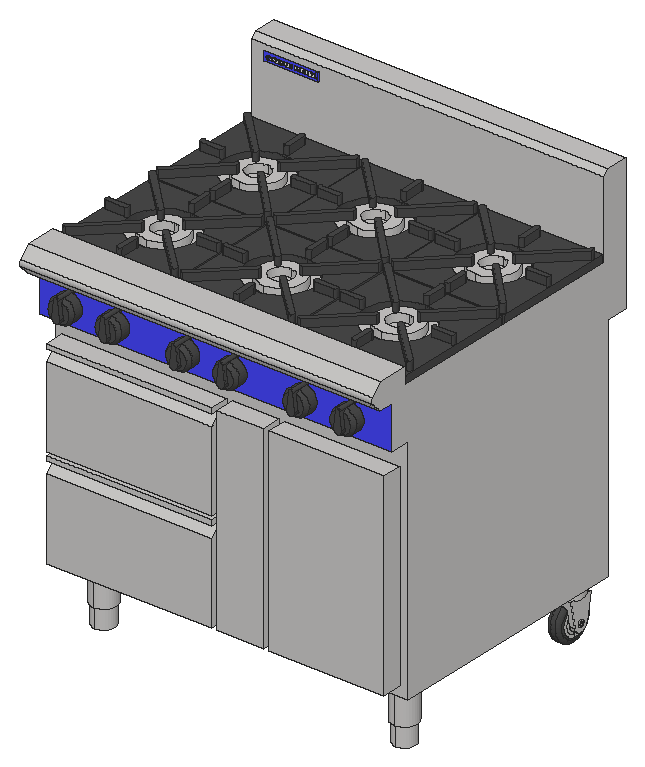
Revit family "QF_MOFFAT_BLUESEAL_CE_G516D-RB", category Specialty Equipment, Revit 2012
Parameters
  Weight in Pounds = 396  # constant formula
  Width [instance] = 900.00 mm  # constant formula
  Watts = 250 W
  Volts = 230 V
  URL Cutsheet = "www.moffat.com"
  URL = "www.moffat.com"
  Type Mark [instance] = ""
  Status [instance] = ""
  Specification by User [instance] = ""
  Specification by Manufacturer = ""
  Show Logo [instance] = yes
  Show Door [instance] = no
  Show Clearance [instance] = yes
  Show Casters [instance] = yes
  Serial Number = ""
  Seismic Rating = ""
  SMACNA No = ""
  Revision Code [instance] = ""
  Refrigerant Type = "R134a"
  Phase = 1
  Omniclass Number and Title = ""
  Number of Poles = 1
  NAFEM Spec ID Number = ""
  Model = "G516D-RB"
  Min Ckt Ampacity = 0 A
  Mechanical Remarks = ""
  Mechanical Connection Type = ""
  Max Overcurrent Protection = 0 A
  Masterspec = ""
  Manufacturer = "MOFFAT BLUESEAL"
  Legs [instance] = not(Show Casters)  # no
  Item Number [instance] = ""
  Installed By [instance] = ""
  Identify Quantity as Lot [instance] = yes
  HP = ""
  Gas Size = 3/4"
  Gas RI Height = 0.00 mm
  Gas KW = 46.6
  Gas Input = 159233.0 Btu/h
  Gas Connection Height = 0.00 mm
  Furnished By [instance] = ""
  Foodservice Equipment Identifier [instance] = yes
  FL Amps = 1.8 A
  Elec Conn RI Height = 0.00 mm
  Elec Conn Connection Height = 0.00 mm
  Drawer Clearance [instance] = and(Show Clearance, and(Drawer))  # yes
  Drawer [instance] = not(Show Door)  # yes
  Door Clearance [instance] = and(Show Clearance, and(Show Door))  # no
  Description = "900MM GAS COOK TOP ON REFRIGERATED BASE"
  Depth [instance] = 812.00 mm  # constant formula
  Cycle = 50 Hz
  Conn Plug = ""
  Conn Conduit = yes
  CSI MasterFormat = ""
  CSI Master Format = ""
  Back Splash [instance] = 215.00 mm  # constant formula
  Apparent Power = if(Phase = 3, Volts * FL Amps * 1.73, Volts * FL Amps)  # 414 VA
Reference planes
  plane 1 "BACK": y = 0
  plane 2: z = 0
  plane 3 "LEFT": x = 0
  plane 4 "RIGHT": x = 900
  plane 5 "FRONT": y = -812
  plane 6 "TOP": z = 970
  plane 7 "Center Y": x = 450
  plane 8 "Center X": y = -406
  plane 9 "Base Height": z = 150
  plane 10: z = 915
  plane 11: x = 65
  plane 12: x = 834
  plane 13: y = -625
  plane 14: x = 770
  plane 15: z = 655
  plane 16: y = -32
  plane 17: x = 617
  plane 18: z = 402
  plane 19: z = 1085
  plane 20: y = -100
Forms (mm)
  Extrusion 1, solid, material "QF_Finishes_Stainless Steel"
    sketch origin (0, 0, 0) x (0, 1, 0) y (0, 0, 1)
      loop
        line (-697, 150) -> (-57, 150) -> (-57, 740) -> (0, 740) -> (0, 1085) -> (-57.5, 1085) -> (-70, 1072.5) -> (-70, 875) -> (-705, 875) -> (-705, 915) -> (-783.97, 915) -> (-808.485, 890.485)
        arc (-808.485, 890.485) -> (-811.999, 882) -> (-808.485, 873.515) r 12
        line (-808.485, 873.515) -> (-784.97, 850) -> (-749, 850) -> (-749, 740) -> (-697, 740) -> (-697, 150)
    from 0 to 900
  Revolve 2, solid, material "QF_Finishes_Stainless Steel", visible <- "Legs"
    sketch origin (834, -210, 0) x (0, 1, 0) y (0, 0, -1)
      loop
        line (78.25, -150) -> (110, -150) -> (110, 0) -> (82.5, 0) -> (82.5, -50) -> (78.25, -50) -> (78.25, -150)
      axis (110, -150) -> (110, 0)
    angle from 0 to 360
  Revolve 3, solid, material "QF_Finishes_Stainless Steel"
    sketch origin (834, -735, 0) x (0, 1, 0) y (0, 0, -1)
      loop
        line (78.25, -150) -> (110, -150) -> (110, 0) -> (82.5, 0) -> (82.5, -50) -> (78.25, -50) -> (78.25, -150)
      axis (110, -150) -> (110, 0)
    angle from 0 to 360
  Revolve 4, solid, material "QF_Finishes_Stainless Steel", visible <- "Legs"
    sketch origin (65, -210, 0) x (0, 1, 0) y (0, 0, -1)
      loop
        line (78.25, -150) -> (110, -150) -> (110, 0) -> (82.5, 0) -> (82.5, -50) -> (78.25, -50) -> (78.25, -150)
      axis (110, -150) -> (110, 0)
    angle from 0 to 360
  Revolve 5, solid, material "QF_Finishes_Stainless Steel"
    sketch origin (65, -735, 0) x (0, 1, 0) y (0, 0, -1)
      loop
        line (78.25, -150) -> (110, -150) -> (110, 0) -> (82.5, 0) -> (82.5, -50) -> (78.25, -50) -> (78.25, -150)
      axis (110, -150) -> (110, 0)
    angle from 0 to 360
  Revolve 6, solid, material "QF_Finishes_Black"
    sketch origin (89.687, 0, 599.987) x (0, 1, 0) y (0, 0, -1)
      loop
        line (-789, -229.5) -> (-766, -229.5) -> (-766, -202) -> (-756, -202) -> (-756, -197) -> (-800, -197) -> (-800, -223.651) -> (-789, -229.5)
      axis (-800, -197) -> (-756, -197)
    angle from 0 to 360
  Extrusion 7, solid, material "QF_Finishes_Black"
    sketch origin (227.957, 0, 600.145) x (-1, 0, 0) y (0, 0, -1)
      loop
        line (127.85, -186.037) -> (133.271, -228.955)
        arc (133.271, -228.955) -> (138.27, -233.842) -> (143.268, -228.955) r 5
        line (143.268, -228.955) -> (148.757, -184.87)
        arc (148.757, -184.87) -> (137.685, -174.371) -> (127.85, -186.037) r 10.487
    from 759 to 808
  Extrusion 8, solid, material "QF_Finishes_Stainless Steel"
    sketch origin (0, -699, 685) x (1, 0, 0) y (0, -1, 0)
      loop
        circle (770, -667) r 13.5
    from -55 to 30
  Extrusion 9, solid, material "QF_Finishes_Stainless Steel"
    sketch origin (0, -57, 685) x (0, 0, 1) y (1, 0, 0)
      loop
        circle (-265, 620) r 13.5
    from 0 to 3.18
  Revolve 10, solid, material "QF_Finishes_Stainless Steel", visible <- "Show Casters"
    sketch origin (485.423, -100.755, -12.798) x (1, 0, 0) y (0, 0, 1)
      loop
        line (314.841, 63.604) -> (383.584, 63.604) -> (383.584, 67.109) -> (382.314, 68.379) -> (380.79, 68.379) -> (380.79, 71.826) -> (368.644, 71.826) -> (368.644, 81.79) -> (365.088, 83.843) -> (363.738, 92.179) -> (365.881, 92.179) -> (365.881, 98.529) -> (365.088, 98.529) -> (365.088, 104.879)
        arc (365.088, 104.879) -> (362.298, 111.614) -> (355.563, 114.404) r 9.525
        line (355.563, 114.404) -> (342.863, 114.404)
        arc (342.863, 114.404) -> (336.127, 111.614) -> (333.338, 104.879) r 9.525
        line (333.338, 104.879) -> (333.338, 98.529) -> (332.544, 98.529) -> (332.544, 92.179) -> (334.687, 92.179) -> (333.352, 83.932) -> (329.782, 81.871) -> (329.782, 71.826) -> (317.635, 71.826) -> (317.635, 68.379) -> (316.111, 68.379) -> (314.841, 67.109) -> (314.841, 63.604)
      axis (314.841, 63.604) -> (383.584, 63.604)
    angle from 0 to 360
  Extrusion 11, solid, material "QF_Finishes_Stainless Steel", visible <- "Show Casters"
    sketch origin (841.147, 132.353, -9.137) x (0, 1, 0) y (0, 0, 1)
      loop
        line (-200.603, 118.783) -> (-264.103, 118.783) -> (-251.746, 53.895)
        arc (-251.746, 53.895) -> (-232.353, 38.783) -> (-212.959, 53.895) r 20
        line (-212.959, 53.895) -> (-200.603, 118.783)
    from -35.667 to 22.923
  Revolve 12, solid, material "QF_Finishes_Stainless Steel", visible <- "Show Casters"
    sketch origin (834.646, -204, -0.354) x (0, 1, 0) y (0, 0, 1)
      loop
        line (68.25, 150) -> (68.25, 110) -> (104, 110) -> (104, 150) -> (68.25, 150)
      axis (104, 150) -> (104, 110)
    angle from 0 to 360
  Revolve 13, solid, material "QF_Finishes_Stainless Steel", visible <- "Show Casters"
    sketch origin (-283.577, -100.755, -12.798) x (1, 0, 0) y (0, 0, 1)
      loop
        line (314.841, 63.604) -> (383.584, 63.604) -> (383.584, 67.109) -> (382.314, 68.379) -> (380.79, 68.379) -> (380.79, 71.826) -> (368.644, 71.826) -> (368.644, 81.79) -> (365.088, 83.843) -> (363.738, 92.179) -> (365.881, 92.179) -> (365.881, 98.529) -> (365.088, 98.529) -> (365.088, 104.879)
        arc (365.088, 104.879) -> (362.298, 111.614) -> (355.563, 114.404) r 9.525
        line (355.563, 114.404) -> (342.863, 114.404)
        arc (342.863, 114.404) -> (336.127, 111.614) -> (333.338, 104.879) r 9.525
        line (333.338, 104.879) -> (333.338, 98.529) -> (332.544, 98.529) -> (332.544, 92.179) -> (334.687, 92.179) -> (333.352, 83.932) -> (329.782, 81.871) -> (329.782, 71.826) -> (317.635, 71.826) -> (317.635, 68.379) -> (316.111, 68.379) -> (314.841, 67.109) -> (314.841, 63.604)
      axis (314.841, 63.604) -> (383.584, 63.604)
    angle from 0 to 360
  Extrusion 14, solid, material "QF_Finishes_Stainless Steel", visible <- "Show Casters"
    sketch origin (72.147, 132.353, -9.137) x (0, 1, 0) y (0, 0, 1)
      loop
        line (-200.603, 118.783) -> (-264.103, 118.783) -> (-251.746, 53.895)
        arc (-251.746, 53.895) -> (-232.353, 38.783) -> (-212.959, 53.895) r 20
        line (-212.959, 53.895) -> (-200.603, 118.783)
    from -35.667 to 22.923
  Revolve 15, solid, material "QF_Finishes_Stainless Steel", visible <- "Show Casters"
    sketch origin (65.646, -204, -0.354) x (0, 1, 0) y (0, 0, 1)
      loop
        line (68.25, 150) -> (68.25, 110) -> (104, 110) -> (104, 150) -> (68.25, 150)
      axis (104, 150) -> (104, 110)
    angle from 0 to 360
  Revolve 16, solid, material "QF_Finishes_Black"
    sketch origin (210, 0, 600) x (0, 1, 0) y (0, 0, -1)
      loop
        line (-789, -229.5) -> (-766, -229.5) -> (-766, -202) -> (-756, -202) -> (-756, -197) -> (-800, -197) -> (-800, -223.651) -> (-789, -229.5)
      axis (-800, -197) -> (-756, -197)
    angle from 0 to 360
  Extrusion 17, solid, material "QF_Finishes_Black"
    sketch origin (348.27, 0, 600.158) x (-1, 0, 0) y (0, 0, -1)
      loop
        line (127.85, -186.037) -> (133.271, -228.955)
        arc (133.271, -228.955) -> (138.27, -233.842) -> (143.268, -228.955) r 5
        line (143.268, -228.955) -> (148.757, -184.87)
        arc (148.757, -184.87) -> (137.685, -174.371) -> (127.85, -186.037) r 10.487
    from 759 to 808
  Revolve 18, solid, material "QF_Finishes_Black"
    sketch origin (389.769, 0, 600) x (0, 1, 0) y (0, 0, -1)
      loop
        line (-789, -229.5) -> (-766, -229.5) -> (-766, -202) -> (-756, -202) -> (-756, -197) -> (-800, -197) -> (-800, -223.651) -> (-789, -229.5)
      axis (-800, -197) -> (-756, -197)
    angle from 0 to 360
  Extrusion 19, solid, material "QF_Finishes_Black"
    sketch origin (528.038, 0, 600.158) x (-1, 0, 0) y (0, 0, -1)
      loop
        line (127.85, -186.037) -> (133.271, -228.955)
        arc (133.271, -228.955) -> (138.27, -233.842) -> (143.268, -228.955) r 5
        line (143.268, -228.955) -> (148.757, -184.87)
        arc (148.757, -184.87) -> (137.685, -174.371) -> (127.85, -186.037) r 10.487
    from 759 to 808
  Revolve 20, solid, material "QF_Finishes_Black"
    sketch origin (689.769, 0, 600) x (0, 1, 0) y (0, 0, -1)
      loop
        line (-789, -229.5) -> (-766, -229.5) -> (-766, -202) -> (-756, -202) -> (-756, -197) -> (-800, -197) -> (-800, -223.651) -> (-789, -229.5)
      axis (-800, -197) -> (-756, -197)
    angle from 0 to 360
  Extrusion 21, solid, material "QF_Finishes_Black"
    sketch origin (828.038, 0, 600.158) x (-1, 0, 0) y (0, 0, -1)
      loop
        line (127.85, -186.037) -> (133.271, -228.955)
        arc (133.271, -228.955) -> (138.27, -233.842) -> (143.268, -228.955) r 5
        line (143.268, -228.955) -> (148.757, -184.87)
        arc (148.757, -184.87) -> (137.685, -174.371) -> (127.85, -186.037) r 10.487
    from 759 to 808
  Revolve 22, solid, material "QF_Finishes_Black"
    sketch origin (510.081, 0, 600.013) x (0, 1, 0) y (0, 0, -1)
      loop
        line (-789, -229.5) -> (-766, -229.5) -> (-766, -202) -> (-756, -202) -> (-756, -197) -> (-800, -197) -> (-800, -223.651) -> (-789, -229.5)
      axis (-800, -197) -> (-756, -197)
    angle from 0 to 360
  Extrusion 23, solid, material "QF_Finishes_Black"
    sketch origin (648.351, 0, 600.171) x (-1, 0, 0) y (0, 0, -1)
      loop
        line (127.85, -186.037) -> (133.271, -228.955)
        arc (133.271, -228.955) -> (138.27, -233.842) -> (143.268, -228.955) r 5
        line (143.268, -228.955) -> (148.757, -184.87)
        arc (148.757, -184.87) -> (137.685, -174.371) -> (127.85, -186.037) r 10.487
    from 759 to 808
  Revolve 24, solid, material "QF_Finishes_Black"
    sketch origin (810.081, 0, 600.013) x (0, 1, 0) y (0, 0, -1)
      loop
        line (-789, -229.5) -> (-766, -229.5) -> (-766, -202) -> (-756, -202) -> (-756, -197) -> (-800, -197) -> (-800, -223.651) -> (-789, -229.5)
      axis (-800, -197) -> (-756, -197)
    angle from 0 to 360
  Extrusion 25, solid, material "QF_Finishes_Black"
    sketch origin (948.351, 0, 600.171) x (-1, 0, 0) y (0, 0, -1)
      loop
        line (127.85, -186.037) -> (133.271, -228.955)
        arc (133.271, -228.955) -> (138.27, -233.842) -> (143.268, -228.955) r 5
        line (143.268, -228.955) -> (148.757, -184.87)
        arc (148.757, -184.87) -> (137.685, -174.371) -> (127.85, -186.037) r 10.487
    from 759 to 808
  Extrusion 26, solid, material "QF_Finishes_Stainless Steel"
    sketch origin (0, 0, 0) x (0, 1, 0) y (0, 0, 1)
      loop
        line (-699, 678) -> (-747, 678) -> (-747, 665) -> (-715.13, 665) -> (-749, 636.579) -> (-749, 431) -> (-699, 431) -> (-699, 678)
      loop
        line (-749, 175) -> (-699, 175) -> (-699, 421) -> (-747, 421) -> (-747, 408) -> (-715.13, 408) -> (-749, 379.579) -> (-749, 175)
    from 17.986 to 440
  Extrusion 27, solid, material "QF_Finishes_Stainless Steel"
    sketch origin (723.5, 0, 0) x (0, 1, 0) y (0, 0, 1)
      loop
        line (-699, 678) -> (-749, 678) -> (-749, 175) -> (-699, 175) -> (-699, 678)
    from -270.5 to -150.5
  Extrusion 28, solid, material "QF_Door-Drawer Clearances", visible <- "Show Clearance", detail levels coarse
    sketch origin (0, -749, 676) x (0, 0, -1) y (1, 0, 0)
      loop
        line (501, 440) -> (255, 440) -> (255, 17.986) -> (501, 17.986) -> (501, 440)
      loop
        line (245, 440) -> (-2, 440) -> (-2, 17.986) -> (245, 17.986) -> (245, 440)
    from 0 to 304.8
  Extrusion 29, solid, material "QF_Finishes_Stainless Steel"
    sketch origin (1031.5, 0, 0) x (0, 1, 0) y (0, 0, 1)
      loop
        line (-699, 678) -> (-749, 678) -> (-749, 175) -> (-699, 175) -> (-699, 678)
    from -444.5 to -150.5
Lines and regions (mm)
  Split face 1
    outline origin (0, 612.322, 1085) x (0, -1, 0) y (1, 0, 0)
      loop
        arc (657.707, 566) -> (652.707, 574.66) -> (642.707, 574.66) r 10
        line (642.707, 574.66) -> (635.707, 570.619)
        arc (635.707, 570.619) -> (632.047, 566.959) -> (630.707, 561.959) r 10
        line (630.707, 561.959) -> (630.707, 334)
        arc (630.707, 334) -> (635.707, 325.34) -> (645.707, 325.34) r 10
        line (645.707, 325.34) -> (652.707, 329.381)
        arc (652.707, 329.381) -> (656.368, 333.041) -> (657.707, 338.041) r 10
        line (657.707, 338.041) -> (657.707, 566)
  Split face 2
    outline origin (0, 612.322, 1085) x (0, -1, 0) y (1, 0, 0)
      loop
        arc (630.707, 624) -> (635.707, 615.34) -> (645.707, 615.34) r 10
        line (645.707, 615.34) -> (652.707, 619.381)
        arc (652.707, 619.381) -> (656.368, 623.041) -> (657.707, 628.041) r 10
        line (657.707, 628.041) -> (657.707, 856)
        arc (657.707, 856) -> (652.707, 864.66) -> (642.707, 864.66) r 10
        line (642.707, 864.66) -> (635.707, 860.619)
        arc (635.707, 860.619) -> (632.047, 856.959) -> (630.707, 851.959) r 10
        line (630.707, 851.959) -> (630.707, 624)
  Split face 3
    outline origin (0, 612.322, 1085) x (0, -1, 0) y (1, 0, 0)
      loop
        arc (657.707, 276) -> (652.707, 284.66) -> (642.707, 284.66) r 10
        line (642.707, 284.66) -> (635.707, 280.619)
        arc (635.707, 280.619) -> (632.047, 276.959) -> (630.707, 271.959) r 10
        line (630.707, 271.959) -> (630.707, 44)
        arc (630.707, 44) -> (635.707, 35.34) -> (645.707, 35.34) r 10
        line (645.707, 35.34) -> (652.707, 39.381)
        arc (652.707, 39.381) -> (656.368, 43.041) -> (657.707, 48.041) r 10
        line (657.707, 48.041) -> (657.707, 276)
  Split face 4
    outline origin (1031.5, -749, 676) x (0, 0, -1) y (1, 0, 0)
      loop
        line (291.62, -416.534) -> (481.62, -416.534) -> (481.62, -181.534) -> (291.62, -181.534) -> (291.62, -416.534)
  Split face 5
    outline origin (1031.5, -749, 931) x (0, 0, -1) y (1, 0, 0)
      loop
        line (291.62, -416.534) -> (356.62, -416.534) -> (356.62, -181.534) -> (291.62, -181.534) -> (291.62, -416.534)
  Split face 6
    outline origin (1031.5, -749, 807.725) x (0, 0, -1) y (1, 0, 0)
      loop
        line (307.841, -274.649) -> (342.841, -274.649) -> (342.841, -219.649) -> (307.841, -219.649) -> (307.841, -274.649)
  Split face 7
    outline origin (939.097, -749, 808.536) x (0, 0, -1) y (1, 0, 0)
      loop
        line (307.841, -274.649) -> (342.841, -274.649) -> (342.841, -239.649) -> (307.841, -239.649) -> (307.841, -274.649)
  symbolic lines
    curve 1: line (0, 0, 0) -> (0, -812, 0)
    curve 2: line (900, 0, 0) -> (0, 0, 0)
    curve 3: line (900, -812, 0) -> (900, 0, 0)
    curve 4: line (0, -812, 0) -> (900, -812, 0)
    curve 13: line (0, -783.97, 0) -> (900, -783.97, 0)
    curve 14: line (0, -70, 0) -> (900, -70, 0)
    curve 15: line (334, -18.385, 0) -> (561.959, -18.385, 0)
    curve 16: arc (561.959, -18.385, 0) -> (566.959, -19.725, 0) -> (570.619, -23.385, 0) r 10
    curve 17: line (570.619, -23.385, 0) -> (574.66, -30.385, 0)
    curve 18: arc (574.66, -30.385, 0) -> (574.66, -40.385, 0) -> (566, -45.385, 0) r 10
    curve 19: line (566, -45.385, 0) -> (338.041, -45.385, 0)
    curve 20: arc (338.041, -45.385, 0) -> (333.041, -44.045, 0) -> (329.381, -40.385, 0) r 10
    curve 21: line (329.381, -40.385, 0) -> (325.34, -33.385, 0)
    curve 22: arc (325.34, -33.385, 0) -> (325.34, -23.385, 0) -> (334, -18.385, 0) r 10
    curve 23: line (44, -18.385, 0) -> (271.959, -18.385, 0)
    curve 24: arc (271.959, -18.385, 0) -> (276.959, -19.725, 0) -> (280.619, -23.385, 0) r 10
    curve 25: line (280.619, -23.385, 0) -> (284.66, -30.385, 0)
    curve 26: arc (284.66, -30.385, 0) -> (284.66, -40.385, 0) -> (276, -45.385, 0) r 10
    curve 27: line (276, -45.385, 0) -> (48.041, -45.385, 0)
    curve 28: arc (48.041, -45.385, 0) -> (43.041, -44.045, 0) -> (39.381, -40.385, 0) r 10
    curve 29: line (39.381, -40.385, 0) -> (35.34, -33.385, 0)
    curve 30: arc (35.34, -33.385, 0) -> (35.34, -23.385, 0) -> (44, -18.385, 0) r 10
    curve 31: line (624, -18.385, 0) -> (851.959, -18.385, 0)
    curve 32: arc (851.959, -18.385, 0) -> (856.959, -19.725, 0) -> (860.619, -23.385, 0) r 10
    curve 33: line (860.619, -23.385, 0) -> (864.66, -30.385, 0)
    curve 34: arc (864.66, -30.385, 0) -> (864.66, -40.385, 0) -> (856, -45.385, 0) r 10
    curve 35: line (856, -45.385, 0) -> (628.041, -45.385, 0)
    curve 36: arc (628.041, -45.385, 0) -> (623.041, -44.045, 0) -> (619.381, -40.385, 0) r 10
    curve 37: line (619.381, -40.385, 0) -> (615.34, -33.385, 0)
    curve 38: arc (615.34, -33.385, 0) -> (615.34, -23.385, 0) -> (624, -18.385, 0) r 10
    curve 39: line (0, -57.5, 0) -> (900, -57.5, 0)
  symbolic lines, style "SpecialityEquipmentHiddenLines", visible <- "Show Casters"
    curve 5: line (875.952, -62.61, 0) -> (825.152, -150.598, 0)
    curve 6: line (848.456, -46.735, 0) -> (875.952, -62.61, 0)
    curve 7: line (797.656, -134.723, 0) -> (848.456, -46.735, 0)
    curve 8: line (825.152, -150.598, 0) -> (797.656, -134.723, 0)
    curve 9: line (106.952, -62.61, 0) -> (56.152, -150.598, 0)
    curve 10: line (79.456, -46.735, 0) -> (106.952, -62.61, 0)
    curve 11: line (28.656, -134.723, 0) -> (79.456, -46.735, 0)
    curve 12: line (56.152, -150.598, 0) -> (28.656, -134.723, 0)
  symbolic lines, style "QF_Door-Drawer Clearances"
    curve 40: line (17.986, -1053.8, 0) -> (440, -1053.8, 0)
    curve 41: line (440, -1053.8, 0) -> (440, -812, 0)
    curve 42: line (17.986, -1053.8, 0) -> (17.986, -812, 0)
Dimensions and locks
  equal spacing: plane 3 "LEFT", plane 7 "Center Y", plane 4 "RIGHT"
  "Width": plane 3 "LEFT" to plane 4 "RIGHT"
  equal spacing: plane 5 "FRONT", plane 8 "Center X", plane 1 "BACK"
  "Depth": plane 5 "FRONT" to plane 1 "BACK"
  locked: plane 10 to level at 915
  locked: plane 9 "Base Height" to level at 150
  plane 6 "TOP" to plane 10 = 55.00 mm
  plane 12 to plane 11 = 769.00 mm
  plane 6 "TOP" to level = 970.00 mm
  plane 14 to plane 4 "RIGHT" = 130.00 mm
  plane 15 to level = 655.00 mm
  plane 16 to plane 1 "BACK" = 32.00 mm
  plane 17 to plane 4 "RIGHT" = 283.00 mm
  plane 18 to level = 402.00 mm
  plane 19 to plane 2 = 1085.00 mm
  Revolve 10 sketch curve to Revolve 10 sketch curve = 50.80 mm
  Revolve 13 sketch curve to Revolve 13 sketch curve = 50.80 mm
  plane 2 to Extrusion 9 sketch curve = 420.00 mm
  aligned and locked: level to plane 2
Automatic sketch dimensions
  Extrusion 1 sketch curve to plane 10 = 0.00 mm
  Extrusion 1 sketch curve to plane 9 "Base Height" = 0.00 mm
  Extrusion 1 sketch curve to plane 19 = 0.00 mm
  Extrusion 1 sketch curve to plane 1 "BACK" = 0.00 mm
  Extrusion 1 sketch curve to plane 16 = 25.00 mm
  Extrusion 1 sketch curve to plane 16 = 25.50 mm
  Extrusion 1 sketch curve to plane 20 = 30.00 mm
  Extrusion 1 sketch curve to plane 13 = 72.00 mm
  Extrusion 1 sketch curve to plane 13 = 80.00 mm
  Extrusion 1 sketch curve to Extrusion 1 sketch curve = 44.00 mm
  Extrusion 1 sketch curve to plane 5 "FRONT" = 28.03 mm
  Extrusion 1 sketch curve to plane 5 "FRONT" = 27.03 mm
  Extrusion 1 sketch curve to plane 5 "FRONT" = 12.001 mm
  Extrusion 1 sketch curve to plane 5 "FRONT" = 3.515 mm  (x2)
  plane 15 to Extrusion 1 sketch curve = 85.00 mm  (x2)
  Extrusion 1 sketch curve to plane 10 = 65.00 mm
  Extrusion 1 sketch curve to Extrusion 1 sketch curve = 23.515 mm
  Extrusion 1 sketch curve to Extrusion 1 sketch curve = 40.00 mm
  Extrusion 1 sketch curve to Extrusion 1 sketch curve = 8.485 mm
  Extrusion 1 sketch curve to plane 19 = 12.50 mm
  Revolve 2 sketch curve to plane 9 "Base Height" = 0.00 mm
  Revolve 2 sketch curve to level = 0.00 mm
  Revolve 2 sketch curve to plane 20 = 0.00 mm  (x2)
  plane 20 to Revolve 2 sketch curve = 27.50 mm
  plane 20 to Revolve 2 sketch curve = 31.75 mm
  level to Revolve 2 sketch curve = 50.00 mm
  Revolve 2 sketch curve to Revolve 2 sketch curve = 0.00 mm
  Revolve 2 sketch curve to Revolve 2 sketch curve = 55.00 mm
  Revolve 3 sketch curve to plane 9 "Base Height" = 0.00 mm
  Revolve 3 sketch curve to level = 0.00 mm
  Revolve 3 sketch curve to plane 13 = 0.00 mm  (x2)
  Revolve 3 sketch curve to plane 13 = 27.50 mm
  Revolve 3 sketch curve to plane 13 = 31.75 mm
  level to Revolve 3 sketch curve = 50.00 mm
  Revolve 3 sketch curve to Revolve 3 sketch curve = 0.00 mm
  Revolve 3 sketch curve to Revolve 3 sketch curve = 55.00 mm
  Revolve 4 sketch curve to plane 9 "Base Height" = 0.00 mm
  Revolve 4 sketch curve to level = 0.00 mm
  Revolve 4 sketch curve to plane 20 = 0.00 mm  (x2)
  plane 20 to Revolve 4 sketch curve = 27.50 mm
  plane 20 to Revolve 4 sketch curve = 31.75 mm
  level to Revolve 4 sketch curve = 50.00 mm
  Revolve 4 sketch curve to Revolve 4 sketch curve = 0.00 mm
  Revolve 4 sketch curve to Revolve 4 sketch curve = 55.00 mm
  Revolve 5 sketch curve to plane 9 "Base Height" = 0.00 mm
  Revolve 5 sketch curve to level = 0.00 mm
  Revolve 5 sketch curve to plane 13 = 0.00 mm  (x2)
  Revolve 5 sketch curve to plane 13 = 27.50 mm
  Revolve 5 sketch curve to plane 13 = 31.75 mm
  level to Revolve 5 sketch curve = 50.00 mm
  Revolve 5 sketch curve to Revolve 5 sketch curve = 0.00 mm
  Revolve 5 sketch curve to Revolve 5 sketch curve = 55.00 mm
  Revolve 6 sketch curve to plane 5 "FRONT" = 12.00 mm
  Revolve 6 sketch curve to Revolve 6 sketch curve = 0.00 mm  (x2)
  Revolve 6 sketch curve to Revolve 6 sketch curve = 11.00 mm
  Revolve 6 sketch curve to Revolve 6 sketch curve = 12.70 mm
  Revolve 6 sketch curve to Revolve 6 sketch curve = 23.00 mm
  Revolve 6 sketch curve to Revolve 6 sketch curve = 10.00 mm
  Revolve 6 sketch curve to plane 10 = 85.513 mm
  Revolve 6 sketch curve to Revolve 6 sketch curve = 5.849 mm
  Revolve 6 sketch curve to Revolve 6 sketch curve = 27.50 mm
  Revolve 6 sketch curve to Revolve 6 sketch curve = 5.00 mm
  plane 11 to Extrusion 7 sketch curve = 35.106 mm
  plane 11 to Extrusion 7 sketch curve = 29.686 mm
  Extrusion 7 sketch curve to Extrusion 7 sketch curve = 10.419 mm
  Extrusion 7 sketch curve to Extrusion 7 sketch curve = 4.999 mm  (x2)
  Extrusion 7 sketch curve to Extrusion 7 sketch curve = 10.487 mm
  Extrusion 7 sketch curve to plane 10 = 85.899 mm
  Extrusion 7 sketch curve to Extrusion 7 sketch curve = 0.113 mm
  Extrusion 7 sketch curve to Extrusion 7 sketch curve = 42.919 mm
  Extrusion 7 sketch curve to Extrusion 7 sketch curve = 1.167 mm
  Extrusion 8 sketch curve to plane 14 = 0.00 mm
  Extrusion 8 sketch curve to plane 16 = 0.00 mm
  Extrusion 1 to Extrusion 9 sketch curve = 280.00 mm
  plane 14 to Revolve 10 sketch curve = 30.264 mm
  Revolve 10 sketch curve to Revolve 10 sketch curve = 1.27 mm  (x4)
  Revolve 10 sketch curve to Revolve 10 sketch curve = 1.524 mm  (x2)
  Revolve 10 sketch curve to Revolve 10 sketch curve = 12.146 mm  (x2)
  plane 12 to Revolve 10 sketch curve = 16.033 mm
  Revolve 10 sketch curve to Revolve 10 sketch curve = 0.794 mm  (x2)
  Revolve 10 sketch curve to Revolve 10 sketch curve = 3.57 mm
  Revolve 10 sketch curve to Revolve 10 sketch curve = 2.143 mm
  plane 12 to Revolve 10 sketch curve = 5.715 mm
  Revolve 10 sketch curve to plane 12 = 5.776 mm
  Revolve 10 sketch curve to plane 12 = 6.985 mm
  Revolve 10 sketch curve to Revolve 10 sketch curve = 8.176 mm
  Revolve 10 sketch curve to Revolve 10 sketch curve = 1.349 mm  (x2)
  Revolve 10 sketch curve to Revolve 10 sketch curve = 3.556 mm
  Revolve 10 sketch curve to plane 4 "RIGHT" = 2.327 mm
  level to Revolve 10 sketch curve = 50.806 mm
  Revolve 10 sketch curve to Revolve 10 sketch curve = 0.00 mm
  Revolve 10 sketch curve to Revolve 10 sketch curve = 3.505 mm  (x2)
  Revolve 10 sketch curve to Revolve 10 sketch curve = 3.447 mm  (x2)
  Revolve 10 sketch curve to Revolve 10 sketch curve = 9.964 mm
  Revolve 10 sketch curve to Revolve 10 sketch curve = 10.045 mm
  Revolve 10 sketch curve to Revolve 10 sketch curve = 2.053 mm
  Revolve 10 sketch curve to Revolve 10 sketch curve = 2.061 mm
  Revolve 10 sketch curve to Revolve 10 sketch curve = 8.247 mm
  Revolve 10 sketch curve to Revolve 10 sketch curve = 8.336 mm
  Revolve 10 sketch curve to Revolve 10 sketch curve = 6.35 mm  (x2)
  Extrusion 11 sketch curve to plane 20 = 0.00 mm
  plane 20 to Extrusion 11 sketch curve = 19.393 mm
  plane 20 to Extrusion 11 sketch curve = 31.75 mm
  Extrusion 11 sketch curve to plane 20 = 19.393 mm
  Extrusion 11 sketch curve to plane 20 = 31.75 mm
  level to Extrusion 11 sketch curve = 44.758 mm
  Extrusion 11 sketch curve to Extrusion 11 sketch curve = 4.889 mm
  Extrusion 11 sketch curve to plane 9 "Base Height" = 40.354 mm
  Revolve 12 sketch curve to plane 20 = 0.00 mm  (x2)
  Revolve 12 sketch curve to plane 9 "Base Height" = 0.354 mm
  Revolve 12 sketch curve to Revolve 12 sketch curve = 35.75 mm
  Revolve 12 sketch curve to Revolve 12 sketch curve = 40.00 mm
  level to Revolve 12 sketch curve = 49.646 mm
  Revolve 12 sketch curve to level = 55.354 mm
  plane 3 "LEFT" to Revolve 13 sketch curve = 31.264 mm
  Revolve 13 sketch curve to Revolve 13 sketch curve = 1.27 mm  (x4)
  Revolve 13 sketch curve to Revolve 13 sketch curve = 1.524 mm  (x2)
  Revolve 13 sketch curve to Revolve 13 sketch curve = 12.146 mm  (x2)
  Revolve 13 sketch curve to plane 11 = 16.033 mm
  Revolve 13 sketch curve to Revolve 13 sketch curve = 0.794 mm  (x2)
  Revolve 13 sketch curve to Revolve 13 sketch curve = 3.57 mm
  Revolve 13 sketch curve to Revolve 13 sketch curve = 2.143 mm
  Revolve 13 sketch curve to plane 11 = 5.715 mm
  plane 11 to Revolve 13 sketch curve = 5.776 mm
  plane 11 to Revolve 13 sketch curve = 6.985 mm
  Revolve 13 sketch curve to Revolve 13 sketch curve = 8.176 mm
  Revolve 13 sketch curve to Revolve 13 sketch curve = 1.349 mm  (x2)
  Revolve 13 sketch curve to Revolve 13 sketch curve = 3.556 mm
  Revolve 13 sketch curve to Revolve 13 sketch curve = 33.32 mm
  level to Revolve 13 sketch curve = 50.806 mm
  Revolve 13 sketch curve to Revolve 13 sketch curve = 0.00 mm
  Revolve 13 sketch curve to Revolve 13 sketch curve = 3.505 mm  (x2)
  Revolve 13 sketch curve to Revolve 13 sketch curve = 3.447 mm  (x2)
  Revolve 13 sketch curve to Revolve 13 sketch curve = 9.964 mm
  Revolve 13 sketch curve to Revolve 13 sketch curve = 10.045 mm
  Revolve 13 sketch curve to Revolve 13 sketch curve = 2.053 mm
  Revolve 13 sketch curve to Revolve 13 sketch curve = 2.061 mm
  Revolve 13 sketch curve to Revolve 13 sketch curve = 8.247 mm
  Revolve 13 sketch curve to Revolve 13 sketch curve = 8.336 mm
  Revolve 13 sketch curve to Revolve 13 sketch curve = 6.35 mm  (x2)
  Extrusion 14 sketch curve to plane 20 = 0.00 mm
  plane 20 to Extrusion 14 sketch curve = 19.393 mm
  plane 20 to Extrusion 14 sketch curve = 31.75 mm
  Extrusion 14 sketch curve to plane 20 = 19.393 mm
  Extrusion 14 sketch curve to plane 20 = 31.75 mm
  level to Extrusion 14 sketch curve = 44.758 mm
  Extrusion 14 sketch curve to Extrusion 14 sketch curve = 4.889 mm
  Extrusion 14 sketch curve to plane 9 "Base Height" = 40.354 mm
  Revolve 15 sketch curve to plane 20 = 0.00 mm  (x2)
  Revolve 15 sketch curve to plane 9 "Base Height" = 0.354 mm
  plane 20 to Revolve 15 sketch curve = 35.75 mm
  Revolve 15 sketch curve to Revolve 15 sketch curve = 40.00 mm
  level to Revolve 15 sketch curve = 49.646 mm
  Revolve 15 sketch curve to level = 55.354 mm
  Split face 1 sketch curve to Extrusion 1 = 18.385 mm
  Split face 1 sketch curve to Split face 1 sketch curve = 5.00 mm  (x2)
  Split face 1 sketch curve to Split face 1 sketch curve = 10.00 mm  (x3)
  Split face 1 sketch curve to Split face 1 sketch curve = 7.00 mm  (x4)
  Split face 1 sketch curve to Extrusion 1 = 325.34 mm
  Split face 1 sketch curve to Split face 1 sketch curve = 4.041 mm  (x2)
  Split face 1 sketch curve to Split face 1 sketch curve = 223.917 mm
  Split face 2 sketch curve to Extrusion 1 = 18.385 mm
  Split face 2 sketch curve to Split face 2 sketch curve = 5.00 mm  (x2)
  Split face 2 sketch curve to Split face 2 sketch curve = 10.00 mm  (x3)
  Split face 2 sketch curve to Split face 2 sketch curve = 7.00 mm  (x4)
  Split face 2 sketch curve to Extrusion 1 = 284.66 mm
  Split face 2 sketch curve to Split face 2 sketch curve = 4.041 mm  (x2)
  Split face 2 sketch curve to Extrusion 1 = 48.041 mm
  Split face 3 sketch curve to Extrusion 1 = 18.385 mm
  Split face 3 sketch curve to Split face 3 sketch curve = 5.00 mm  (x2)
  Split face 3 sketch curve to Split face 3 sketch curve = 10.00 mm  (x3)
  Split face 3 sketch curve to Split face 3 sketch curve = 7.00 mm  (x4)
  Split face 3 sketch curve to Extrusion 1 = 35.34 mm
  Split face 3 sketch curve to Split face 3 sketch curve = 4.041 mm  (x2)
  Split face 3 sketch curve to Split face 3 sketch curve = 223.917 mm
  Revolve 16 sketch curve to plane 5 "FRONT" = 12.00 mm
  Revolve 16 sketch curve to Revolve 16 sketch curve = 0.00 mm  (x2)
  Revolve 16 sketch curve to Revolve 16 sketch curve = 11.00 mm
  Revolve 16 sketch curve to Revolve 16 sketch curve = 12.70 mm
  Revolve 16 sketch curve to Revolve 16 sketch curve = 23.00 mm
  Revolve 16 sketch curve to Revolve 16 sketch curve = 10.00 mm
  Revolve 16 sketch curve to plane 10 = 85.50 mm
  Revolve 16 sketch curve to Revolve 16 sketch curve = 5.849 mm
  Revolve 16 sketch curve to Revolve 16 sketch curve = 27.50 mm
  Revolve 16 sketch curve to Revolve 16 sketch curve = 5.00 mm
  plane 11 to Extrusion 17 sketch curve = 155.419 mm
  Extrusion 17 sketch curve to Extrusion 17 sketch curve = 5.421 mm
  Extrusion 17 sketch curve to Extrusion 17 sketch curve = 10.419 mm
  Extrusion 17 sketch curve to Extrusion 17 sketch curve = 4.999 mm  (x2)
  Extrusion 17 sketch curve to plane 10 = 85.887 mm
  Extrusion 17 sketch curve to Extrusion 17 sketch curve = 10.487 mm
  Extrusion 17 sketch curve to Extrusion 17 sketch curve = 0.113 mm
  Extrusion 17 sketch curve to Extrusion 17 sketch curve = 42.919 mm
  Extrusion 17 sketch curve to Extrusion 17 sketch curve = 1.167 mm
  Revolve 18 sketch curve to plane 5 "FRONT" = 12.00 mm
  Revolve 18 sketch curve to Revolve 18 sketch curve = 0.00 mm  (x2)
  Revolve 18 sketch curve to Revolve 18 sketch curve = 11.00 mm
  Revolve 18 sketch curve to Revolve 18 sketch curve = 12.70 mm
  Revolve 18 sketch curve to Revolve 18 sketch curve = 23.00 mm
  Revolve 18 sketch curve to Revolve 18 sketch curve = 10.00 mm
  Revolve 18 sketch curve to plane 10 = 85.50 mm
  Revolve 18 sketch curve to Revolve 18 sketch curve = 5.849 mm
  Revolve 18 sketch curve to Revolve 18 sketch curve = 27.50 mm
  Revolve 18 sketch curve to Revolve 18 sketch curve = 5.00 mm
  Extrusion 19 sketch curve to plane 7 "Center Y" = 49.812 mm
  Extrusion 19 sketch curve to Extrusion 19 sketch curve = 5.421 mm
  Extrusion 19 sketch curve to Extrusion 19 sketch curve = 10.419 mm
  Extrusion 19 sketch curve to Extrusion 19 sketch curve = 4.999 mm  (x2)
  Extrusion 19 sketch curve to Extrusion 19 sketch curve = 10.487 mm
  Extrusion 19 sketch curve to plane 10 = 85.887 mm
  Extrusion 19 sketch curve to Extrusion 19 sketch curve = 0.113 mm
  Extrusion 19 sketch curve to Extrusion 19 sketch curve = 42.919 mm
  Extrusion 19 sketch curve to Extrusion 19 sketch curve = 1.167 mm
  Revolve 20 sketch curve to plane 5 "FRONT" = 12.00 mm
  Revolve 20 sketch curve to Revolve 20 sketch curve = 0.00 mm  (x2)
  Revolve 20 sketch curve to Revolve 20 sketch curve = 11.00 mm
  Revolve 20 sketch curve to Revolve 20 sketch curve = 12.70 mm
  Revolve 20 sketch curve to Revolve 20 sketch curve = 23.00 mm
  Revolve 20 sketch curve to Revolve 20 sketch curve = 10.00 mm
  Revolve 20 sketch curve to plane 10 = 85.50 mm
  Revolve 20 sketch curve to Revolve 20 sketch curve = 5.849 mm
  Revolve 20 sketch curve to Revolve 20 sketch curve = 27.50 mm
  Revolve 20 sketch curve to Revolve 20 sketch curve = 5.00 mm
  Extrusion 21 sketch curve to plane 14 = 69.812 mm
  Extrusion 21 sketch curve to Extrusion 21 sketch curve = 5.421 mm
  Extrusion 21 sketch curve to Extrusion 21 sketch curve = 10.419 mm
  Extrusion 21 sketch curve to Extrusion 21 sketch curve = 4.999 mm  (x2)
  Extrusion 21 sketch curve to Extrusion 21 sketch curve = 10.487 mm
  Extrusion 21 sketch curve to plane 10 = 85.887 mm
  Extrusion 21 sketch curve to Extrusion 21 sketch curve = 0.113 mm
  Extrusion 21 sketch curve to Extrusion 21 sketch curve = 42.919 mm
  Extrusion 21 sketch curve to Extrusion 21 sketch curve = 1.167 mm
  Revolve 22 sketch curve to plane 5 "FRONT" = 12.00 mm
  Revolve 22 sketch curve to Revolve 22 sketch curve = 0.00 mm  (x2)
  Revolve 22 sketch curve to Revolve 22 sketch curve = 11.00 mm
  Revolve 22 sketch curve to Revolve 22 sketch curve = 12.70 mm
  Revolve 22 sketch curve to Revolve 22 sketch curve = 23.00 mm
  Revolve 22 sketch curve to Revolve 22 sketch curve = 10.00 mm
  Revolve 22 sketch curve to plane 10 = 85.487 mm
  Revolve 22 sketch curve to Revolve 22 sketch curve = 5.849 mm
  Revolve 22 sketch curve to Revolve 22 sketch curve = 27.50 mm
  Revolve 22 sketch curve to Revolve 22 sketch curve = 5.00 mm
  plane 7 "Center Y" to Extrusion 23 sketch curve = 70.501 mm
  Extrusion 23 sketch curve to Extrusion 23 sketch curve = 5.421 mm
  Extrusion 23 sketch curve to Extrusion 23 sketch curve = 10.419 mm
  Extrusion 23 sketch curve to Extrusion 23 sketch curve = 4.999 mm  (x2)
  Extrusion 23 sketch curve to Extrusion 23 sketch curve = 10.487 mm
  Extrusion 23 sketch curve to plane 10 = 85.874 mm
  Extrusion 23 sketch curve to Extrusion 23 sketch curve = 0.113 mm
  Extrusion 23 sketch curve to Extrusion 23 sketch curve = 42.919 mm
  Extrusion 23 sketch curve to Extrusion 23 sketch curve = 1.167 mm
  Revolve 24 sketch curve to plane 5 "FRONT" = 12.00 mm
  Revolve 24 sketch curve to Revolve 24 sketch curve = 0.00 mm  (x2)
  Revolve 24 sketch curve to Revolve 24 sketch curve = 11.00 mm
  Revolve 24 sketch curve to Revolve 24 sketch curve = 12.70 mm
  Revolve 24 sketch curve to Revolve 24 sketch curve = 23.00 mm
  Revolve 24 sketch curve to Revolve 24 sketch curve = 10.00 mm
  Revolve 24 sketch curve to plane 10 = 85.487 mm
  Revolve 24 sketch curve to Revolve 24 sketch curve = 5.849 mm
  Revolve 24 sketch curve to Revolve 24 sketch curve = 27.50 mm
  Revolve 24 sketch curve to Revolve 24 sketch curve = 5.00 mm
  plane 12 to Extrusion 25 sketch curve = 13.499 mm
  plane 12 to Extrusion 25 sketch curve = 18.92 mm
  Extrusion 25 sketch curve to Extrusion 25 sketch curve = 10.419 mm
  Extrusion 25 sketch curve to Extrusion 25 sketch curve = 4.999 mm  (x2)
  Extrusion 25 sketch curve to Extrusion 25 sketch curve = 10.487 mm
  Extrusion 25 sketch curve to plane 10 = 85.874 mm
  Extrusion 25 sketch curve to Extrusion 25 sketch curve = 0.113 mm
  Extrusion 25 sketch curve to Extrusion 25 sketch curve = 42.919 mm
  Extrusion 25 sketch curve to Extrusion 25 sketch curve = 1.167 mm
  Extrusion 26 sketch curve to plane 15 = 18.421 mm
  Extrusion 26 sketch curve to plane 5 "FRONT" = 63.00 mm  (x2)
  plane 9 "Base Height" to Extrusion 26 sketch curve = 25.00 mm
  plane 18 to Extrusion 26 sketch curve = 6.00 mm
  Extrusion 26 sketch curve to Extrusion 26 sketch curve = 2.00 mm  (x2)
  plane 15 to Extrusion 26 sketch curve = 10.00 mm
  Extrusion 26 sketch curve to Extrusion 26 sketch curve = 31.87 mm  (x2)
  Extrusion 26 sketch curve to Extrusion 26 sketch curve = 50.00 mm
  Extrusion 26 sketch curve to Extrusion 26 sketch curve = 0.00 mm
  Extrusion 26 sketch curve to plane 18 = 22.421 mm
  plane 18 to Extrusion 26 sketch curve = 19.00 mm
  Extrusion 26 sketch curve to Extrusion 26 sketch curve = 10.00 mm
  Extrusion 26 sketch curve to Extrusion 26 sketch curve = 13.00 mm
  plane 9 "Base Height" to Extrusion 27 sketch curve = 25.00 mm
  Extrusion 27 sketch curve to plane 5 "FRONT" = 63.00 mm
  Extrusion 27 sketch curve to Extrusion 27 sketch curve = 50.00 mm
  plane 15 to Extrusion 27 sketch curve = 23.00 mm
  Extrusion 28 sketch curve to Extrusion 26 = 0.00 mm  (x3)
  Extrusion 26 to Extrusion 28 sketch curve = 0.00 mm  (x2)
  Extrusion 26 to Extrusion 28 sketch curve = 41.421 mm
  Extrusion 26 to Extrusion 28 sketch curve = 10.00 mm
  Extrusion 28 sketch curve to Extrusion 28 sketch curve = 246.00 mm
  plane 9 "Base Height" to Extrusion 29 sketch curve = 25.00 mm
  Extrusion 29 sketch curve to plane 5 "FRONT" = 63.00 mm
  Extrusion 29 sketch curve to Extrusion 29 sketch curve = 50.00 mm
  plane 15 to Extrusion 29 sketch curve = 23.00 mm
  Split face 4 sketch curve to Extrusion 29 = 31.034 mm
  Split face 4 sketch curve to Extrusion 29 = 209.38 mm
  Split face 4 sketch curve to Extrusion 29 = 19.38 mm
  Split face 4 sketch curve to Extrusion 29 = 27.966 mm
  Split face 5 sketch curve to Extrusion 29 = 38.62 mm
  Split face 5 sketch curve to Extrusion 29 = 27.966 mm
  Split face 5 sketch curve to Split face 5 sketch curve = 65.00 mm
  Split face 5 sketch curve to Extrusion 29 = 31.034 mm
  Split face 6 sketch curve to Extrusion 29 = 69.149 mm
  Split face 6 sketch curve to Extrusion 29 = 178.116 mm
  Split face 6 sketch curve to Split face 6 sketch curve = 35.00 mm
  Split face 6 sketch curve to Split face 6 sketch curve = 55.00 mm
  Split face 7 sketch curve to Extrusion 29 = 177.305 mm
  Split face 7 sketch curve to Split face 7 sketch curve = 35.00 mm  (x2)
  Split face 7 sketch curve to Extrusion 29 = 77.448 mm
  plane 1 "BACK" to curve 1 = 0.00 mm
  curve 1 to plane 3 "LEFT" = 0.00 mm
  plane 5 "FRONT" to curve 42 = 0.00 mm
  curve 39 to plane 4 "RIGHT" = 0.00 mm
  plane 3 "LEFT" to curve 42 = 17.986 mm
  plane 3 "LEFT" to curve 12 = 28.656 mm
  curve 29 to plane 16 = 1.385 mm
  curve 29 to plane 11 = 29.66 mm
  curve 29 to plane 16 = 8.385 mm
  curve 30 to curve 29 = 4.041 mm
  plane 16 to curve 23 = 13.615 mm
  curve 30 to curve 23 = 8.66 mm
  curve 28 to curve 28 = 8.66 mm
  curve 9 to plane 11 = 8.848 mm
  plane 11 to curve 11 = 14.456 mm
  plane 16 to curve 24 = 3.615 mm
  curve 9 to curve 24 = 165.007 mm
  curve 26 to plane 16 = 3.385 mm
  curve 24 to curve 26 = 4.041 mm
  plane 16 to curve 24 = 8.615 mm
  plane 16 to curve 25 = 1.615 mm
  curve 25 to curve 25 = 4.041 mm
  curve 22 to plane 16 = 1.385 mm
  curve 25 to curve 22 = 40.679 mm
  curve 21 to plane 16 = 8.385 mm
  curve 21 to curve 21 = 4.041 mm
  plane 16 to curve 15 = 13.615 mm
  curve 22 to curve 15 = 8.66 mm
  curve 21 to curve 19 = 8.66 mm
  curve 41 to plane 7 "Center Y" = 10.00 mm
  curve 15 to plane 17 = 55.041 mm
  curve 16 to curve 19 = 4.041 mm
  plane 16 to curve 17 = 8.615 mm
  curve 15 to curve 17 = 8.66 mm
  plane 16 to curve 17 = 1.615 mm
  curve 17 to curve 17 = 4.041 mm
  curve 38 to plane 17 = 1.66 mm
  plane 17 to curve 36 = 2.381 mm
  plane 17 to curve 38 = 7.00 mm
  curve 36 to plane 16 = 3.385 mm
  curve 38 to curve 36 = 4.041 mm
  plane 14 to curve 8 = 27.656 mm
  plane 12 to curve 5 = 8.848 mm
  curve 7 to plane 12 = 14.456 mm
  plane 16 to curve 32 = 3.615 mm
  curve 32 to plane 12 = 17.959 mm
  curve 34 to plane 16 = 3.385 mm
  curve 32 to curve 34 = 4.041 mm  (x2)
  plane 16 to curve 33 = 8.615 mm
  curve 32 to curve 33 = 8.66 mm
  plane 16 to curve 34 = 1.615 mm
  curve 40 to curve 42 = 241.80 mm
  curve 13 to plane 5 "FRONT" = 28.03 mm
  plane 20 to curve 9 = 50.598 mm
  plane 20 to curve 5 = 50.598 mm
  curve 5 to curve 7 = 15.875 mm
  curve 9 to curve 11 = 15.875 mm
  curve 14 to curve 5 = 7.39 mm
  curve 14 to curve 39 = 12.50 mm
  curve 18 to plane 16 = 13.385 mm
  curve 37 to plane 16 = 1.385 mm
  radius of Extrusion 8 sketch curve = 13.50 mm
  radius of Extrusion 9 sketch curve = 13.50 mm
Nested families
  nested 1: "WALDORF LOGO_FACE BASE" at (32, -70, 1056.885) x (1, 0, 0) z (0, -1, 0), visible <- "Show Logo", type "WALDORF LOGO_FACE BASE", detail levels medium+fine
    with Show Logo yes
  nested 2: "GAS BURNER 900" at (-1, -70, 875), type "GAS BURNER 900"
    with Width 900.00 mm, Type Mark "", Status "", Specification by User "", Revision Code "", Item Number "", Installed By "", Identify Quantity as Lot yes, Furnished By "", Foodservice Equipment Identifier yes, Depth 635.00 mm
Connectors
  piping at (770, -32, 655)
    settings: on Extrusion 8, index 1, connector radius 0.37402", flow factor 0, pipe flow 0 GPM, pressure drop 0.00 psi, fitting loss kfactor 0, connector angle 0.00°, fixture units 0, engagement length 0.00 mm, flow configuration 1, flow direction 1, fitting loss method 0, system type 7, joint type 0, gender type 0, connector reference index -1, connector utility 0, adjustable connector no, is connector primary yes, fitting loss table "", connector description "GAS CONNECTION"
  electrical at (620, -53.82, 420), driven by "Volts", driven by "Watts"
    settings: on Extrusion 9, index 2, voltage 230 V, apparent load 250 VA, apparent load phase1 0 VA, apparent load phase2 0 VA, apparent load phase3 0 VA, power factor 1, load classification "Other", number of poles 1, system type 30, power factor state 1, is connector primary yes, connector utility no, sub classification motor no, connector description "ELECTRICAL CONNECTION"
Definition of nested family "WALDORF LOGO_FACE BASE"
  Parameters (values of type "WALDORF LOGO_FACE BASE")
    Show Logo [instance] = yes
    Default Elevation = 1219.20 mm
  Reference planes
    plane 1 "Center (Front/Back)": y = 0
    plane 2: z = 0
    plane 3 "Center (Left/Right)": x = 0
  Forms (mm)
    Extrusion 1, solid
      sketch origin (0, 0, 0) x (1, 0, 0) y (0, 1, 0)
        loop
          line (-1219.2, 1219.2) -> (-1219.2, -1219.2) -> (1219.2, -1219.2) -> (1219.2, 1219.2) -> (-1219.2, 1219.2)
      from 0 to -304.8
    Extrusion 2, solid, material "QF_Finishes_Blue", visible <- "Show Logo"
      sketch origin (0, -33.217, 0) x (1, 0, 0) y (0, 1, 0)
        loop
          arc (138, 31.942) -> (137.626, 32.844) -> (136.724, 33.217) r 1.276
          line (136.724, 33.217) -> (1.29, 33.217)
          arc (1.29, 33.217) -> (0.378, 32.839) -> (0, 31.927) r 1.29
          line (0, 31.927) -> (0, 11.507)
          arc (0, 11.507) -> (0.378, 10.595) -> (1.29, 10.217) r 1.29
          line (1.29, 10.217) -> (136.71, 10.217)
          arc (136.71, 10.217) -> (137.622, 10.595) -> (138, 11.507) r 1.29
          line (138, 11.507) -> (138, 31.942)
      from 0 to 1.588
    Extrusion 3, solid, material "QF_Finishes_White", visible <- "Show Logo"
      sketch origin (0, -33.217, 1.588) x (1, 0, 0) y (0, 1, 0)
        loop
          arc (108.946, 25.919) -> (107.613, 25.367) -> (107.061, 24.034) r 1.885
          line (107.061, 24.034) -> (107.061, 17.211) -> (112.704, 17.211) -> (112.704, 19.129) -> (115.546, 19.129) -> (115.546, 17.211) -> (121.584, 17.211) -> (121.584, 24.075)
          arc (121.584, 24.075) -> (121.043, 25.379) -> (119.739, 25.919) r 1.845
          line (119.739, 25.919) -> (108.946, 25.919)
        loop
          line (123.478, 25.919) -> (123.478, 17.163) -> (134.904, 17.163) -> (134.904, 19.129) -> (129.246, 19.129) -> (129.246, 25.919) -> (123.478, 25.919)
        loop
          line (112.704, 21.258) -> (115.546, 21.258) -> (115.546, 22.702)
          arc (115.546, 22.702) -> (115.344, 23.188) -> (114.858, 23.389) r 0.687
          line (114.858, 23.389) -> (113.363, 23.389)
          arc (113.363, 23.389) -> (112.897, 23.196) -> (112.704, 22.73) r 0.658
          line (112.704, 22.73) -> (112.704, 21.258)
        loop
          line (105.071, 25.919) -> (93.771, 25.919) -> (93.771, 17.163) -> (105.071, 17.163) -> (105.071, 19.063) -> (99.535, 19.063) -> (99.535, 20.437) -> (105.071, 20.437) -> (105.071, 22.278) -> (99.535, 22.278) -> (99.535, 23.587) -> (105.071, 23.587) -> (105.071, 25.919)
        loop
          line (91.104, 25.919) -> (79.541, 25.919)
          arc (79.541, 25.919) -> (78.558, 25.513) -> (78.152, 24.53) r 1.389
          line (78.152, 24.53) -> (78.152, 22.08)
          arc (78.152, 22.08) -> (78.558, 21.098) -> (79.541, 20.691) r 1.389
          line (79.541, 20.691) -> (86.346, 20.691) -> (86.346, 18.864) -> (83.266, 18.864) -> (83.266, 19.664) -> (78.152, 19.664) -> (78.152, 18.553)
          arc (78.152, 18.553) -> (78.558, 17.57) -> (79.541, 17.163) r 1.389
          line (79.541, 17.163) -> (91.063, 17.163)
          arc (91.063, 17.163) -> (92.045, 17.57) -> (92.452, 18.553) r 1.389
          line (92.452, 18.553) -> (92.452, 20.691)
          arc (92.452, 20.691) -> (92.045, 21.673) -> (91.063, 22.08) r 1.389
          line (91.063, 22.08) -> (83.266, 22.08) -> (83.266, 23.984) -> (86.346, 23.984) -> (86.346, 22.743) -> (92.452, 22.743) -> (92.452, 24.571)
          arc (92.452, 24.571) -> (92.057, 25.524) -> (91.104, 25.919) r 1.348
        loop
          line (70.705, 25.919) -> (59.405, 25.919) -> (59.405, 17.163) -> (70.705, 17.163) -> (70.705, 19.063) -> (65.169, 19.063) -> (65.169, 20.437) -> (70.705, 20.437) -> (70.705, 22.278) -> (65.169, 22.278) -> (65.169, 23.587) -> (70.705, 23.587) -> (70.705, 25.919)
        loop
          line (57.598, 25.919) -> (51.7, 25.919) -> (51.7, 20.18)
          arc (51.7, 20.18) -> (50.63, 19.11) -> (49.56, 20.18) r 1.07
          line (49.56, 20.18) -> (49.56, 25.919) -> (43.663, 25.919) -> (43.663, 19.049)
          arc (43.663, 19.049) -> (44.215, 17.716) -> (45.548, 17.163) r 1.885
          line (45.548, 17.163) -> (55.71, 17.163)
          arc (55.71, 17.163) -> (57.045, 17.716) -> (57.598, 19.051) r 1.887
          line (57.598, 19.051) -> (57.598, 25.919)
        loop
          line (31.62, 25.919) -> (31.62, 17.163) -> (43.046, 17.163) -> (43.046, 19.129) -> (37.388, 19.129) -> (37.388, 25.919) -> (31.62, 25.919)
        loop
          line (15.969, 25.919) -> (15.969, 17.163) -> (28.693, 17.163)
          arc (28.693, 17.163) -> (29.812, 17.627) -> (30.276, 18.746) r 1.582
          line (30.276, 18.746) -> (30.276, 20.447) -> (29.48, 21.243) -> (30.276, 22.039) -> (30.276, 24.332)
          arc (30.276, 24.332) -> (29.811, 25.454) -> (28.688, 25.919) r 1.587
          line (28.688, 25.919) -> (15.969, 25.919)
        loop
          line (21.449, 24.159) -> (21.449, 22.436) -> (23.862, 22.436)
          arc (23.862, 22.436) -> (24.723, 23.298) -> (23.862, 24.159) r 0.861
          line (23.862, 24.159) -> (21.449, 24.159)
        loop
          line (21.449, 20.244) -> (21.449, 18.522) -> (23.862, 18.522)
          arc (23.862, 18.522) -> (24.723, 19.383) -> (23.862, 20.244) r 0.861
          line (23.862, 20.244) -> (21.449, 20.244)
      from 0 to 0.2
    Extrusion 4, solid, material "QF_Finishes_Blue", visible <- "Show Logo"
      sketch origin (-126.498, -31.09, 1.588) x (1, 0, 0) y (0, 1, 0)
        loop
          line (136.738, 23.522) -> (136.738, 15.1)
          arc (136.738, 15.1) -> (140.756, 19.311) -> (136.738, 23.522) r 4.216
      from 0 to 0.2
    Extrusion 5, solid, material "QF_Finishes_Red", visible <- "Show Logo"
      sketch origin (146.849, -31.09, 1.588) x (-1, 0, 0) y (0, -1, 0)
        loop
          arc (136.738, -23.522) -> (140.756, -19.311) -> (136.738, -15.1) r 4.216
          line (136.738, -15.1) -> (136.738, -23.522)
      from 0 to 0.2
  Lines and regions (mm)
    Split face 1
      outline origin (-90.35, -30.793, 1.588) x (1, 0, 0) y (0, 1, 0)
        loop
          circle (100.54, 19.013) r 4.536
  Dimensions and locks
    aligned and locked: plane 2 to Extrusion 1
    aligned and locked: level to Extrusion 1
Definition of nested family "GAS BURNER 900"
  Parameters (values of type "GAS BURNER 900")
    Width [instance] = 900.00 mm
    Weight in Pounds = 0
    URL Cutsheet = ""
    Type Mark [instance] = ""
    Status [instance] = ""
    Specification by User [instance] = ""
    Specification by Manufacturer = ""
    Serial Number = ""
    Seismic Rating = ""
    SMACNA No = ""
    Revision Code [instance] = ""
    Omniclass Number and Title = ""
    NAFEM Spec ID Number = ""
    Masterspec = ""
    Item Number [instance] = ""
    Installed By [instance] = ""
    Identify Quantity as Lot [instance] = yes
    Furnished By [instance] = ""
    Foodservice Equipment Identifier [instance] = yes
    Depth [instance] = 635.00 mm
    CSI MasterFormat = ""
    CSI Master Format = ""
  Reference planes
    plane 1 "BACK": y = 0
    plane 2: z = 0
    plane 3 "LEFT": x = 0
    plane 4 "RIGHT": x = 900
    plane 5 "FRONT": y = -635
    plane 6 "TOP": z = 142.5
    plane 7 "Center Y": x = 450
    plane 8 "Center X": y = -317.5
  Forms (mm)
    Extrusion 1, solid, material "QF_Finishes_Black"
      sketch origin (0, 0, 0) x (0, -1, 0) y (1, 0, 0)
        loop
          line (318.5, 4) -> (318.5, 296)
          arc (318.5, 296) -> (317.621, 298.121) -> (315.5, 299) r 3
          line (315.5, 299) -> (3, 299)
          arc (3, 299) -> (0.879, 298.121) -> (0, 296) r 3
          line (0, 296) -> (0, 4)
          arc (0, 4) -> (0.879, 1.879) -> (3, 1) r 3
          line (3, 1) -> (315.5, 1)
          arc (315.5, 1) -> (317.621, 1.879) -> (318.5, 4) r 3
        loop
          line (324.5, 1) -> (632, 1)
          arc (632, 1) -> (634.121, 1.879) -> (635, 4) r 3
          line (635, 4) -> (635, 296)
          arc (635, 296) -> (634.121, 298.121) -> (632, 299) r 3
          line (632, 299) -> (324.5, 299)
          arc (324.5, 299) -> (322.379, 298.121) -> (321.5, 296) r 3
          line (321.5, 296) -> (321.5, 4)
          arc (321.5, 4) -> (322.379, 1.879) -> (324.5, 1) r 3
        loop
          circle (168.5, 149.991) r 84.082
        loop
          circle (468.5, 149.991) r 84.082
      from 0 to 19.5
    Extrusion 2, solid, material "QF_Finishes_Black"
      sketch origin (0, 0, 19.5) x (0, -1, 0) y (1, 0, 0)
        loop
          spline (326.102, 15.153) -> (325.181, 13.924) -> (324.631, 12.47) -> (324.49, 10.89) -> (324.767, 9.292) -> (325.443, 7.786) -> (326.473, 6.473) -> (327.786, 5.443) -> (329.292, 4.767) -> (330.89, 4.49) -> (332.47, 4.631) -> (333.924, 5.181) -> (335.153, 6.102)
          line (335.153, 6.102) -> (443.076, 114.025)
          spline (443.076, 114.025) -> (443.837, 115.095) -> (444.238, 116.399) -> (444.251, 117.851) -> (443.875, 119.35) -> (443.137, 120.795) -> (442.086, 122.086) -> (440.795, 123.137) -> (439.35, 123.875) -> (437.851, 124.251) -> (436.399, 124.238) -> (435.095, 123.837) -> (434.025, 123.076)
          line (434.025, 123.076) -> (326.102, 15.153)
        loop
          spline (328.898, 156.4) -> (327.604, 156.182) -> (326.398, 155.543) -> (325.362, 154.525) -> (324.568, 153.2) -> (324.068, 151.656) -> (323.898, 150) -> (324.068, 148.344) -> (324.568, 146.8) -> (325.362, 145.475) -> (326.398, 144.457) -> (327.604, 143.818) -> (328.898, 143.6)
          line (328.898, 143.6) -> (378.102, 143.6)
          spline (378.102, 143.6) -> (379.396, 143.818) -> (380.602, 144.457) -> (381.638, 145.475) -> (382.432, 146.8) -> (382.932, 148.344) -> (383.102, 150) -> (382.932, 151.656) -> (382.432, 153.2) -> (381.638, 154.525) -> (380.602, 155.543) -> (379.396, 156.182) -> (378.102, 156.4)
          line (378.102, 156.4) -> (328.898, 156.4)
        loop
          spline (335.153, 293.898) -> (334.084, 294.659) -> (332.779, 295.059) -> (331.328, 295.072) -> (329.829, 294.697) -> (328.384, 293.959) -> (327.092, 292.908) -> (326.041, 291.616) -> (325.303, 290.171) -> (324.928, 288.672) -> (324.941, 287.221) -> (325.341, 285.916) -> (326.102, 284.847)
          line (326.102, 284.847) -> (434.025, 176.924)
          spline (434.025, 176.924) -> (435.095, 176.163) -> (436.399, 175.762) -> (437.851, 175.749) -> (439.35, 176.125) -> (440.795, 176.863) -> (442.086, 177.914) -> (443.137, 179.205) -> (443.875, 180.65) -> (444.251, 182.149) -> (444.238, 183.601) -> (443.837, 184.905) -> (443.076, 185.975)
          line (443.076, 185.975) -> (335.153, 293.898)
        loop
          line (463.6, 291.102) -> (463.6, 241.898)
          spline (463.6, 241.898) -> (463.818, 240.604) -> (464.457, 239.398) -> (465.475, 238.362) -> (466.8, 237.568) -> (468.344, 237.068) -> (470, 236.898) -> (471.656, 237.068) -> (473.2, 237.568) -> (474.525, 238.362) -> (475.543, 239.398) -> (476.182, 240.604) -> (476.4, 241.898)
          line (476.4, 241.898) -> (476.4, 291.102)
          spline (476.4, 291.102) -> (476.182, 292.396) -> (475.543, 293.602) -> (474.525, 294.638) -> (473.2, 295.432) -> (471.656, 295.932) -> (470, 296.102) -> (468.344, 295.932) -> (466.8, 295.432) -> (465.475, 294.638) -> (464.457, 293.602) -> (463.818, 292.396) -> (463.6, 291.102)
        loop
          spline (612.398, 284.847) -> (613.159, 285.916) -> (613.559, 287.221) -> (613.572, 288.672) -> (613.197, 290.171) -> (612.459, 291.616) -> (611.408, 292.908) -> (610.116, 293.959) -> (608.671, 294.697) -> (607.172, 295.072) -> (605.721, 295.059) -> (604.416, 294.659) -> (603.347, 293.898)
          line (603.347, 293.898) -> (496.924, 185.975)
          spline (496.924, 185.975) -> (496.163, 184.905) -> (495.762, 183.601) -> (495.749, 182.149) -> (496.125, 180.65) -> (496.863, 179.205) -> (497.914, 177.914) -> (499.205, 176.863) -> (500.65, 176.125) -> (502.149, 175.749) -> (503.601, 175.762) -> (504.905, 176.163) -> (505.975, 176.924)
          line (505.975, 176.924) -> (612.398, 284.847)
        loop
          spline (609.602, 143.6) -> (610.896, 143.818) -> (612.102, 144.457) -> (613.138, 145.475) -> (613.932, 146.8) -> (614.432, 148.344) -> (614.602, 150) -> (614.432, 151.656) -> (613.932, 153.2) -> (613.138, 154.525) -> (612.102, 155.543) -> (610.896, 156.182) -> (609.602, 156.4)
          line (609.602, 156.4) -> (561.898, 156.4)
          spline (561.898, 156.4) -> (560.604, 156.182) -> (559.398, 155.543) -> (558.362, 154.525) -> (557.568, 153.2) -> (557.068, 151.656) -> (556.898, 150) -> (557.068, 148.344) -> (557.568, 146.8) -> (558.362, 145.475) -> (559.398, 144.457) -> (560.604, 143.818) -> (561.898, 143.6)
          line (561.898, 143.6) -> (609.602, 143.6)
        loop
          line (612.398, 15.153) -> (505.975, 123.076)
